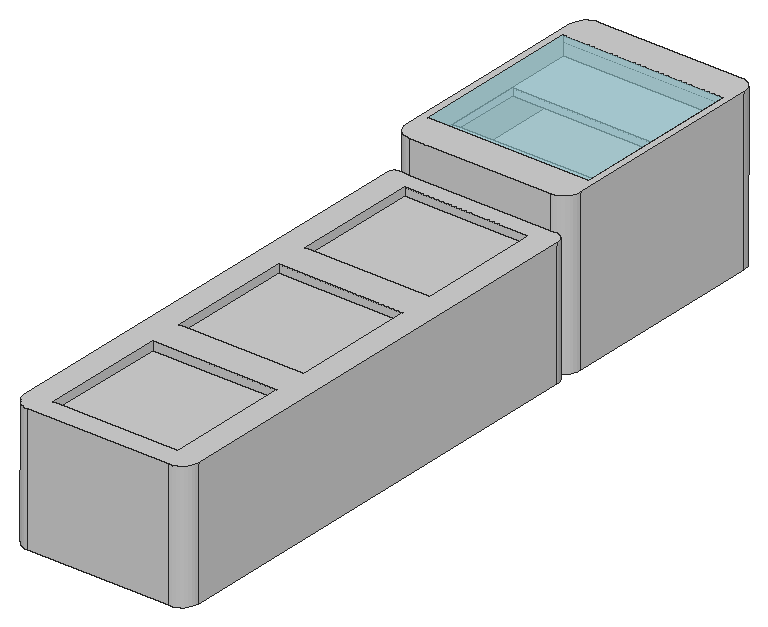
Revit family "Building-QuadriIEC309-GEWISS-68QDIN-QUADRI-PRESE-5MOD_3PRESE", category Apparecchi elettrici, host Superficie, Revit 2019
Family settings
  Host = Superficie
  Mantenere orientamento annotazione = Sì
  Quota connettore circolare = Usa diametro
  Tipo di parte = Normale
  Taglio con vuoti quando caricato = No
  Condiviso = No
  Punto di calcolo locali = Sì
Parameters (values of type "GW68001N - Q-DIN 5M 3FLANGE PR.16A IP65")
  visibilita posizionamento 2d [instance] = yes
  simbolo 2d [instance] = yes
  oggetto in pianta [instance] = not(visibilita posizionamento 2d)  # no
  distanza_simbolo [instance] = 0.1 mm
  bordo acceso [instance] = yes
  Visibilità sportello [instance] = yes
  Versione file RFA = "21.5"
  VETRO = Vetro
  URL = "https://www.gewiss.com/it/it"
  Tipologia di installazione = "Da parete"
  Tipo versione = "Vuoto"
  Termopressione con biglia = "70 °C"
  Temperatura di utilizzo = "-25 +40 °C"
  Spostamento_effettivo_S [instance] = 4000 mm - Spostamento_S  # 3000 mm
  Spostamento_S = 1000 mm
  Simbolo_quadro [instance] = not(simbolo 2d)  # no
  Scheda Tecnica = "https://www.gewiss.com/it/it/search?q=GW68001N"
  STRUTTURA ALTA = Poche
  STRUTTURA = RAL - 7035
  SEO = "Quadretto"
  Resistenza agli urti = "IK08"
  Default Elevation = 1219.2 mm
  Produttore = "GEWISS S.p.A."
  Potenza dissipabile B (W) = "37"
  Potenza dissipabile A (W) = "10"
  PRESA = rosso
  POMELLO = bianco
  N_moduli = 5 mm
  N. prese alloggiabili = "3 IEC 309 16 A IP44/67"
  N. mod. EN 50022 = "5"
  N. coperchi ciechi in dotazione = "1 IEC 16 A"
  Modello = "GW68001N"
  L_Moduli = N_moduli * 19  # 95 mm
  Immagine tipo = GW68001N.jpg
  IDT = "db24ad3b-8d9a-41f1-941c-4a59ae982559"
  IDF = "45e31d22-a1ab-4139-a88e-e09677212477"
  Grado di protezione = "IP65"
  Glow Wire Test = "650°C"
  Descrizione = "Q-DIN 5M 3FLANGE PR.16A IP65"
  Creato da GEWISS S.p.A. = ""
  ConformitÃ  normativa = "EN 60208 - EN 60670-1 - IEC 60670-24"
  Colore = "Grigio RAL 7035"
  Codice Electrocod = "2242"
  Codice EAN = "8011564744721"
  Classe isolamento = "II"
  Catalogo Serie = "68 QDIN"
  Catalogo = "BUILDING"
  COBie.Tagnumber = ""
  COBie.CreatedOn = ""
  COBie.CreatebBy = ""
  COBie.ComponentRegisterItemID = ""
  COBie.Component.TagNumber = ""
  COBie.Component.Space = ""
  COBie.Component.SerialNumber = ""
  COBie.Component.InstallationDate = ""
  COBie.Component.Description = ""
  COBie.Component.BarCode = ""
Reference planes
  plane 1 "Centro (Fronte/Retro)": y = 0
  plane 2: z = 0
  plane 3 "Centro (Sinistra/Destra)": x = 0
  plane 4: x = -3000
  plane 5: x = 0
Forms (mm)
  Extrusion 1, solid, material "RAL - 7035" <- "STRUTTURA", detail levels coarse
    sketch origin (0, 0, 0) x (0, 1, 0) y (0, 0, 1)
      loop
        line (0, 96) -> (0, 0) -> (430.5, 0) -> (430.5, 96) -> (0, 96)
    from -52.5 to 52.5
Lines and regions (mm)
  Masking region 1, visible <- "visibilita posizionamento 2d"
    outline origin (0, 0, 0) x (1, 0, 0) y (0, 0, 1)
      loop
        line (-52.5, 0) -> (52.5, 0) -> (52.5, 96) -> (-52.5, 96) -> (-52.5, 0)
Dimensions and locks
  plane 4 to plane 3 "Centro (Sinistra/Destra)" = 3000 mm
  "Spostamento_effettivo_S": plane 4 to plane 5
  aligned and locked: plane 2 to host face
  aligned and locked: level to host face
  aligned and locked: nested 1 to plane 5
  aligned and locked: nested 3 to plane 5
  aligned and locked: Extrusion 1 sketch curve to nested 2
  aligned and locked: nested 2 to plane 5
  aligned and locked: plane 1 "Centro (Fronte/Retro)" to nested 2
  aligned and locked: Extrusion 1 to nested 2
Automatic sketch dimensions
  host sketch curve to host sketch curve = 2438.4 mm  (x2)
  Extrusion 1 sketch curve to level = 0 mm
  Extrusion 1 sketch curve to plane 1 "Centro (Fronte/Retro)" = 0 mm
  Extrusion 1 sketch curve to plane 1 "Centro (Fronte/Retro)" = 430.5 mm
  Masking region 1 sketch curve to level = 0 mm
  Masking region 1 sketch curve to plane 3 "Centro (Sinistra/Destra)" = 52.5 mm
  plane 3 "Centro (Sinistra/Destra)" to Masking region 1 sketch curve = 52.5 mm
  Masking region 1 sketch curve to Masking region 1 sketch curve = 96 mm
Nested families
  nested 1: "CENTRALINO" at (0, 737.795, 0), BORDO ACCESO <- "bordo acceso", SIMBOLO ACCESO <- "simbolo 2d", Distanza dal muro <- "distanza_simbolo", visible <- "simbolo 2d", type "CENTRALINO"
    with SIMBOLO ACCESO yes, Distanza dal muro 0.1 mm, BORDO ACCESO yes
  nested 2: "base_68QDIN5 QUADRO DISTRIBUZ X 3 PRESE IND" at (0, 287.5, 0), type "base_68QDIN5 QUADRO DISTRIBUZ X 3 PRESE IND", detail levels medium+fine
  nested 3: "simb_CENTRALINO_BASE_cad pro" at (0, 737.795, 0), Distanza dal muro <- "distanza_simbolo", visible <- "Simbolo_quadro", SIMBOLO ACCESO <- "Simbolo_quadro", type "simb_CENTRALINO_BASE_cad pro"
    with SIMBOLO ACCESO no, Distanza dal muro 0.1 mm, BORDO ACCESO yes
Definition of nested family "base_68QDIN5 QUADRO DISTRIBUZ X 3 PRESE IND"
  Parameters (values of type "base_68QDIN5 QUADRO DISTRIBUZ X 3 PRESE IND")
    raggio prese = 25 mm
    n_moduli = 5 mm  # constant formula
    h_moduli = 45 mm  # constant formula
    Vetro = none
    Struttura = none
    Spessore = 96 mm
    Default Elevation = 14 mm
    Presa = none
    Lunghezza = 105 mm
    Larghezza = 105 mm
    L_moduli = n_moduli * 19  # 95 mm
    IFC.TypeObject = ""
    IFC.ExportType = ""
    IFC.ExportAs = ""
    H_da terra = 589.057 mm
    COBie.CreatedOn = ""
    COBie.CreatebBy = ""
    COBie.ComponentRegisterItemID = ""
    COBie.Component.TagNumber = ""
    COBie.Component.Space = ""
    COBie.Component.SerialNumber = ""
    COBie.Component.InstallationDate = ""
    COBie.Component.Description = ""
    COBie.Component.BarCode = ""
    Altezza scatole = 350 mm
    Altezza quadro = 150 mm
    Altezza = 258 mm
  Reference planes
    plane 1 "Centro (Fronte/Retro)": y = 0
    plane 2: z = 0
    plane 3 "Centro (Sinistra/Destra)": x = 0
    plane 4: z = 62.089
    plane 5: z = 103.126
    plane 6: z = 76.196
    plane 7: x = -52.5
    plane 8: x = 52.5
    plane 9: x = -48.5
    plane 10: x = 48.5
    plane 11: y = 123.21
    plane 12: y = 21.246
    plane 13: y = 0
    plane 14: y = -105
    plane 15: y = -180
    plane 16: y = -85
    plane 17: y = -10
    plane 18: y = -287.5
    plane 19: y = 143
    plane 20: z = 71.196
    plane 21: y = 84
    plane 22: y = 39
    plane 23: x = -47.5
    plane 24: x = 47.5
    plane 25: z = 92.059
    plane 26: z = 96
    plane 27 "posizionamento moduli": z = 84.734
    plane 28: z = 80.558
    plane 29: y = 61.5
    plane 30: y = -200
    plane 31: y = -275
    plane 32: y = -237.5
    plane 33: y = -47.5
    plane 34: y = -142.5
    plane 35: z = 67.987
  Forms (mm)
    Extrusion 1, solid, material <- "Struttura"
      sketch origin (0, -857.311, 0) x (1, 0, 0) y (0, 1, 0)
        loop
          arc (-42.5, 1000.311) -> (-49.571, 997.382) -> (-52.5, 990.311) r 10
          line (-52.5, 990.311) -> (-52.5, 867.311)
          arc (-52.5, 867.311) -> (-49.571, 860.24) -> (-42.5, 857.311) r 10
          line (-42.5, 857.311) -> (42.5, 857.311)
          arc (42.5, 857.311) -> (49.571, 860.24) -> (52.5, 867.311) r 10
          line (52.5, 867.311) -> (52.5, 990.311)
          arc (52.5, 990.311) -> (49.571, 997.382) -> (42.5, 1000.311) r 10
          line (42.5, 1000.311) -> (-42.5, 1000.311)
      from 0 to 96
    Extrusion 2, solid, material <- "Struttura"
      sketch origin (0, -857.311, 0) x (1, 0, 0) y (0, 1, 0)
        loop
          line (44.95, 857.311) -> (-48.88, 857.311)
          arc (-48.88, 857.311) -> (-51.44, 856.251) -> (-52.5, 853.691) r 3.62
          line (-52.5, 853.691) -> (-52.5, 579.811)
          arc (-52.5, 579.811) -> (-49.571, 572.74) -> (-42.5, 569.811) r 10
          line (-42.5, 569.811) -> (42.5, 569.811)
          arc (42.5, 569.811) -> (49.571, 572.74) -> (52.5, 579.811) r 10
          line (52.5, 579.811) -> (52.5, 849.76)
          arc (52.5, 849.76) -> (50.289, 855.099) -> (44.95, 857.311) r 7.55
      from 0 to 76.196
    Extrusion 3, void
      sketch origin (0, -857.311, 0) x (1, 0, 0) y (0, 1, 0)
        loop
          line (-48.5, 980.52) -> (-48.5, 878.557) -> (48.5, 878.557) -> (48.5, 980.52) -> (-48.5, 980.52)
      from 62.089 to 96
    Extrusion 4, solid, material <- "Vetro", detail levels fine
      sketch origin (0, -857.311, 0) x (1, 0, 0) y (0, 1, 0)
        loop
          line (-48.5, 980.52) -> (-48.5, 878.557) -> (48.5, 878.557) -> (48.5, 980.52) -> (-48.5, 980.52)
      from 92.059 to 96
    Extrusion 5, void
      sketch origin (0, -857.311, 0) x (1, 0, 0) y (0, 1, 0)
        loop
          line (-37.506, 847.311) -> (-37.506, 772.311) -> (37.506, 772.311) -> (37.506, 847.311) -> (-37.506, 847.311)
      from 71.196 to 76.196
    Extrusion 6, void
      sketch origin (0, -992.311, 0) x (1, 0, 0) y (0, 1, 0)
        loop
          line (-37.506, 887.311) -> (-37.506, 812.311) -> (37.506, 812.311) -> (37.506, 887.311) -> (-37.506, 887.311)
      from 71.196 to 76.196
    Extrusion 7, void
      sketch origin (0, 0, 0) x (1, 0, 0) y (0, 1, 0)
        loop
          line (-47.5, 39) -> (47.5, 39) -> (47.5, 84) -> (-47.5, 84) -> (-47.5, 39)
      from 80.558 to 84.734
    Extrusion 8, solid
      sketch origin (0, 0, 0) x (1, 0, 0) y (0, 1, 0)
        loop
          line (-48.5, 123.21) -> (-48.5, 21.246) -> (48.5, 21.246) -> (48.5, 123.21) -> (-48.5, 123.21)
      from 80.558 to 84.734
    Extrusion 9, void
      sketch origin (0, -1087.311, 0) x (1, 0, 0) y (0, 1, 0)
        loop
          line (-37.506, 887.311) -> (-37.506, 812.311) -> (37.506, 812.311) -> (37.506, 887.311) -> (-37.506, 887.311)
      from 71.196 to 76.196
  Cuts and joins
    Extrusion 3 cuts Extrusion 1
    Extrusion 5, Extrusion 6, Extrusion 9 cuts Extrusion 2
    Extrusion 7 cuts Extrusion 8
    Extrusion 7 cuts Extrusion 4
  Lines and regions (mm)
    model lines
      curve 1: line (-47.5, 61.5, 84.734) -> (47.5, 61.5, 84.734)
  Dimensions and locks
    locked: plane 4 to plane 5 at 41.036
    locked: plane 7 to plane 9 at 4
    locked: plane 10 to plane 8 at 4
    equal spacing: plane 7, plane 3 "Centro (Sinistra/Destra)", plane 8
    "Larghezza": plane 7 to plane 8
    plane 13 to plane 17 = 10 mm
    locked: plane 16 to plane 14 at 20
    plane 17 to plane 16 = 75 mm
    plane 14 to plane 15 = 75 mm
    plane 1 "Centro (Fronte/Retro)" to plane 19 = 143 mm
    plane 18 to plane 13 = 287.5 mm
    plane 12 to plane 1 "Centro (Fronte/Retro)" = 21.246 mm
    plane 11 to plane 19 = 19.79 mm
    locked: plane 6 to plane 20 at 5
    locked: plane 19 to plane 21 at 59
    "h_moduli": plane 21 to plane 22
    equal spacing: plane 23, plane 3 "Centro (Sinistra/Destra)", plane 24
    "L_moduli": plane 23 to plane 24
    locked: plane 26 to plane 25 at 3.941
    plane 6 to plane 2 = 76.196 mm
    locked: plane 25 to plane 27 "posizionamento moduli" at 7.325
    locked: plane 27 "posizionamento moduli" to plane 28 at 4.176
    equal spacing: plane 21, plane 29, plane 22
    locked: plane 15 to plane 30 at 20
    locked: plane 30 to plane 31 at 75
    locked: plane 20 to plane 35 at 3.209
    radius of Extrusion 2 sketch curve = 10 mm  (x2)
    radius of Extrusion 2 sketch curve = 3.62 mm
    radius of Extrusion 2 sketch curve = 7.55 mm
    radius of Extrusion 1 sketch curve = 10 mm  (x4)
    aligned and locked: level to plane 2
    aligned and locked: cut or joined group of Extrusion 1, Extrusion 3 to plane 4  (x2)
    aligned and locked: Extrusion 2 to plane 6
    aligned and locked: plane 7 to Extrusion 2 sketch curve
    aligned and locked: plane 8 to Extrusion 2 sketch curve
    aligned and locked: plane 8 to Extrusion 1 sketch curve
    aligned and locked: plane 7 to Extrusion 1 sketch curve
    aligned and locked: Extrusion 4 sketch curve to plane 9
    aligned and locked: Extrusion 4 sketch curve to plane 10
    aligned and locked: Extrusion 3 sketch curve to plane 9
    aligned and locked: Extrusion 3 sketch curve to plane 10
    aligned and locked: Extrusion 4 sketch curve to plane 11
    aligned and locked: plane 12 to Extrusion 4 sketch curve
    aligned and locked: Extrusion 3 sketch curve to plane 11
    aligned and locked: plane 12 to Extrusion 3 sketch curve
    aligned and locked: plane 13 to Extrusion 1 sketch curve
    aligned and locked: Extrusion 2 sketch curve to plane 13
    aligned and locked: plane 18 to Extrusion 2 sketch curve
    aligned and locked: Extrusion 5 to plane 16
    aligned and locked: plane 17 to Extrusion 5
    aligned and locked: plane 14 to Extrusion 6
    aligned and locked: plane 1 "Centro (Fronte/Retro)" to plane 13
    aligned and locked: plane 19 to Extrusion 1 sketch curve
    aligned and locked: Extrusion 6 to plane 15
    aligned and locked: Extrusion 6 to plane 20
    aligned and locked: Extrusion 6 to plane 6
    aligned and locked: Extrusion 5 to plane 20
    aligned and locked: Extrusion 5 to plane 6
    aligned and locked: Extrusion 7 sketch curve to plane 23
    aligned and locked: Extrusion 7 sketch curve to plane 21
    aligned and locked: Extrusion 7 sketch curve to plane 22
    aligned and locked: Extrusion 7 sketch curve to plane 24
    aligned and locked: plane 26 to cut or joined group of Extrusion 1, Extrusion 3
    aligned and locked: plane 27 "posizionamento moduli" to Extrusion 7
    aligned and locked: Extrusion 7 to plane 28
    aligned and locked: Extrusion 8 sketch curve to plane 11
    aligned and locked: Extrusion 8 sketch curve to plane 12
    aligned and locked: Extrusion 8 to plane 28
    aligned and locked: plane 27 "posizionamento moduli" to Extrusion 8
    aligned and locked: Extrusion 8 sketch curve to Extrusion 4  (x2)
    aligned and locked: plane 29 to curve 1
    aligned and locked: cut or joined group of Extrusion 2, Extrusion 5, Extrusion 6, Extrusion 9 to plane 20
  Automatic sketch dimensions
    Extrusion 5 sketch curve to plane 16 = 0 mm
    Extrusion 5 sketch curve to plane 17 = 0 mm
    Extrusion 5 sketch curve to plane 9 = 10.994 mm
    plane 10 to Extrusion 5 sketch curve = 10.994 mm
    Extrusion 6 sketch curve to plane 15 = 0 mm
    Extrusion 6 sketch curve to plane 14 = 0 mm
    Extrusion 6 sketch curve to plane 9 = 10.994 mm
    plane 10 to Extrusion 6 sketch curve = 10.994 mm
    Extrusion 9 sketch curve to plane 31 = 0 mm
    Extrusion 9 sketch curve to plane 30 = 0 mm
    Extrusion 9 sketch curve to plane 9 = 10.994 mm
    plane 10 to Extrusion 9 sketch curve = 10.994 mm
    curve 1 to plane 23 = 0 mm
    curve 1 to plane 24 = 0 mm
Definition of nested family "CENTRALINO"
  Parameters (values of type "CENTRALINO")
    SIMBOLO ACCESO [instance] = yes
    Distanza dal muro [instance] = 0 mm
    BORDO ACCESO [instance] = yes
  Reference planes
    plane 1: y = 0
    plane 2: x = 0
  Dimensions and locks
    "Distanza dal muro": plane 1 to nested 1
    aligned and locked: plane 2 to nested 1
  Nested families
    nested 1: "CENTRALINO_BASE" at (0, 0, 0), BORDO ACCESO <- "BORDO ACCESO", visible <- "SIMBOLO ACCESO", type "CENTRALINO"
      with BORDO ACCESO yes
  Definition of nested family "CENTRALINO_BASE"
    Parameters (values of type "CENTRALINO")
      Distanza dal muro = 0 mm
      BORDO ACCESO [instance] = yes
    Reference planes
      plane 1: y = 0
      plane 2: x = 0
    Lines and regions (mm)
      detail lines, visible <- "BORDO ACCESO", not visible
        curve 1: line (-2.443, 10.208, 0) -> (2.057, 10.208, 0)
        curve 2: line (2.057, 10.208, 0) -> (2.057, 4.208, 0)
        curve 3: line (2.057, 4.208, 0) -> (-2.443, 4.208, 0)
        curve 4: line (-2.443, 4.208, 0) -> (-2.443, 10.208, 0)
        curve 5: line (-2.043, 9.808, 0) -> (1.657, 9.808, 0)
        curve 6: line (1.657, 9.808, 0) -> (1.657, 4.608, 0)
        curve 7: line (1.657, 4.608, 0) -> (-2.043, 4.608, 0)
        curve 8: line (-2.043, 4.608, 0) -> (-2.043, 9.808, 0)
      detail lines
        curve 9: line (0, 0.671, 0) -> (0, 0, 0)
        curve 10: line (0.659, 0.671, 0) -> (0.659, 1.33, 0)
        curve 11: line (0.659, 1.33, 0) -> (-0.659, 1.33, 0)
        curve 12: line (-0.659, 1.33, 0) -> (-0.659, 0.671, 0)
        curve 13: line (-0.659, 0.671, 0) -> (0.659, 0.671, 0)
        curve 14: line (0.497, 1.33, 0) -> (0.497, 2, 0)
        curve 15: line (0.167, 1.33, 0) -> (0.167, 2, 0)
        curve 16: line (-0.162, 1.33, 0) -> (-0.162, 2, 0)
        curve 17: line (-0.491, 1.33, 0) -> (-0.491, 2, 0)
Definition of nested family "simb_CENTRALINO_BASE_cad pro"
  Parameters (values of type "simb_CENTRALINO_BASE_cad pro")
    SIMBOLO ACCESO [instance] = yes
    Distanza dal muro [instance] = 0 mm
    BORDO ACCESO [instance] = yes
  Reference planes
    plane 1: y = 0
    plane 2: x = 0
  Dimensions and locks
    "Distanza dal muro": plane 1 to nested 1
    aligned and locked: plane 2 to nested 1
  Nested families
    nested 1: "CENTRALINO_BASE_cad pro" at (0, 0, 0), type "CENTRALINO"
  Definition of nested family "CENTRALINO_BASE_cad pro"
    Parameters (values of type "CENTRALINO")
      Distanza dal muro = 0 mm
    Reference planes
      plane 1: y = 0
      plane 2: x = 0
    Lines and regions (mm)
      detail lines
        curve 1: line (1.33, 1.33, 0) -> (2.109, 1.33, 0)
        curve 2: line (2.109, 1.33, 0) -> (2.109, 0, 0)
        curve 3: line (2.109, 0, 0) -> (1.33, 0, 0)
        curve 4: line (1.33, 0, 0) -> (-1.33, 1.33, 0)
        curve 5: line (-1.33, 1.33, 0) -> (1.33, 1.33, 0)
        curve 6: line (1.33, 1.33, 0) -> (1.33, 0, 0)
        curve 7: line (1.33, 0, 0) -> (-1.33, 0, 0)
        curve 8: line (-1.33, 0, 0) -> (-1.33, 1.33, 0)
        curve 9: line (1.461, 0.665, 0) -> (1.977, 0.665, 0)
        curve 10: line (1.719, 0.665, 0) -> (1.719, 1.01, 0)
        curve 11: arc (1.977, 0.406, 0) -> (1.719, 0.665, 0) -> (1.461, 0.406, 0) r 0.258
